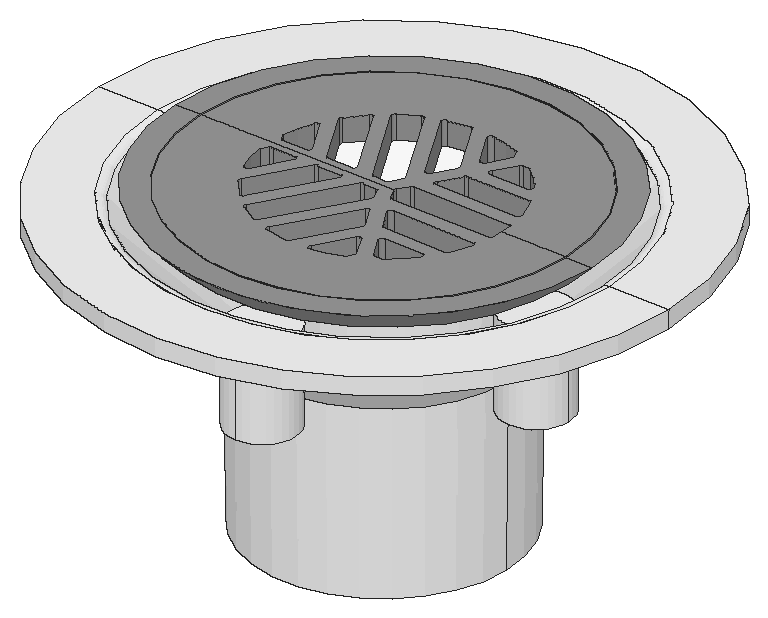
Revit family "3100.194.1 Deck Drain Bottom Exit 80x80", category Plumbing Fixtures, Revit 2020
Family settings
  Round Connector Dimension = Use Diameter
  Part Type = Normal
  Work Plane-Based = No
  Always vertical = Yes
  Cut with Voids When Loaded = No
  Shared = No
  Room Calculation Point = No
Parameters (values of type "3100.194.1 80x80")
  Waste Connection = yes
  Vent Connection = no
  URL = "www.aquaknight.co.nz"
  Phone = "+6498322214"  # constant formula
  Model = "3100.194.1"
  Manufacturer = "Aquanight Industries Ltd"  # constant formula
  HW Connection = no
  Email = "info@aquaknight.co.nz"  # constant formula
  Description = "Deck Drain Bottom Exit 80mm Inlet w 80mm Outlet Small Flange"
  Default Elevation = 0 mm
  CW Connection = no
Reference planes
  plane 1 "Center (Front/Back)": y = 0
  plane 2: z = 0
  plane 3 "Center (Left/Right)": x = 0
Forms (mm)
  Revolve 1, solid, material "PVC-Piping"
    sketch origin (-2.137, 0, 1.044) x (1, 0, 0) y (0, 0, 1)
      loop
        line (-66.827, -6.044) -> (-35.874, -36.996) -> (-35.291, -88.902) -> (-30.291, -88.902) -> (-30.898, -34.902) -> (-63.621, -2.178)
        arc (-63.621, -2.178) -> (-64.878, -1.339) -> (-66.36, -1.044) r 3.874
        line (-66.36, -1.044) -> (-84.355, -1.044) -> (-84.355, -6.044) -> (-66.827, -6.044)
      axis (2.137, -1.044) -> (2.137, -88.902)
    angle from 0 to 360
  Revolve 2, solid, material "Steel, Chrome Plated"
    sketch origin (0, 0, 1.044) x (1, 0, 0) y (0, 0, 1)
      loop
        line (-56.036, -4.644) -> (0, -4.644) -> (0, 2.356) -> (-55.25, 2.356) -> (-55.25, 0.883) -> (-55.55, -1.144) -> (-55.55, 2.356) -> (-63.036, 2.356) -> (-56.036, -4.644)
      axis (0, 2.356) -> (0, -4.644)
    angle from 0 to 360
  Extrusion 3, void
    sketch origin (0, 0, 5.044) x (0, 1, 0) y (-1, 0, 0)
      loop
        line (4.474, 34.182) -> (2.493, 33.038)
        arc (2.493, 33.038) -> (2.128, 32.673) -> (1.994, 32.174) r 0.997
        line (1.994, 32.174) -> (1.994, 25.266)
        arc (1.994, 25.266) -> (2.493, 24.402) -> (3.49, 24.402) r 0.997
        line (3.49, 24.402) -> (13.354, 30.097)
        arc (13.354, 30.097) -> (13.85, 31.03) -> (13.231, 31.885) r 0.997
        arc (13.231, 31.885) -> (8.926, 33.316) -> (4.474, 34.182) r 35.185
      loop
        arc (2.493, 19.182) -> (2.128, 18.817) -> (1.994, 18.319) r 0.997
        line (1.994, 18.319) -> (1.994, 11.41)
        arc (1.994, 11.41) -> (2.493, 10.547) -> (3.49, 10.547) r 0.997
        line (3.49, 10.547) -> (24.556, 22.709)
        arc (24.556, 22.709) -> (25.047, 23.445) -> (24.759, 24.281) r 0.997
        arc (24.759, 24.281) -> (22.313, 26.487) -> (19.672, 28.454) r 35.185
        arc (19.672, 28.454) -> (19.149, 28.624) -> (18.616, 28.491) r 0.997
        line (18.616, 28.491) -> (2.493, 19.182)
      loop
        arc (2.493, 5.327) -> (2.128, 4.962) -> (1.994, 4.463) r 0.997
        line (1.994, 4.463) -> (1.994, 1.008)
        spline (1.994, 1.008) -> (1.998, 0.922) -> (2.009, 0.835) -> (2.028, 0.751) -> (2.054, 0.668) -> (2.088, 0.587) -> (2.128, 0.51) -> (2.174, 0.437) -> (2.227, 0.368) -> (2.286, 0.304) -> (2.35, 0.246) -> (2.419, 0.193) -> (2.492, 0.146)
        line (2.492, 0.146) -> (5.484, -1.582)
        arc (5.484, -1.582) -> (5.983, -1.715) -> (6.482, -1.582) r 0.997
        line (6.482, -1.582) -> (31.488, 12.856)
        arc (31.488, 12.856) -> (31.941, 13.42) -> (31.894, 14.141) r 0.997
        arc (31.894, 14.141) -> (30.471, 16.875) -> (28.815, 19.473) r 35.185
        arc (28.815, 19.473) -> (28.214, 19.875) -> (27.5, 19.765) r 0.997
        line (27.5, 19.765) -> (2.493, 5.327)
      loop
        line (32.567, 8.835) -> (11.501, -3.328)
        arc (11.501, -3.328) -> (11.002, -4.191) -> (11.501, -5.055) r 0.997
        line (11.501, -5.055) -> (17.484, -8.509)
        arc (17.484, -8.509) -> (17.982, -8.643) -> (18.481, -8.509) r 0.997
        line (18.481, -8.509) -> (34.604, 0.799)
        arc (34.604, 0.799) -> (34.985, 1.195) -> (35.1, 1.732) r 0.997
        arc (35.1, 1.732) -> (34.717, 5.003) -> (34.03, 8.225) r 35.185
        arc (34.03, 8.225) -> (33.449, 8.891) -> (32.567, 8.835) r 0.997
      loop
        arc (32.461, -14.293) -> (33.938, -10.005) -> (34.85, -5.561) r 35.185
        arc (34.85, -5.561) -> (34.419, -4.597) -> (33.364, -4.561) r 0.997
        line (33.364, -4.561) -> (23.5, -10.256)
        arc (23.5, -10.256) -> (23.001, -11.119) -> (23.5, -11.983) r 0.997
        line (23.5, -11.983) -> (29.483, -15.437)
        arc (29.483, -15.437) -> (29.981, -15.571) -> (30.48, -15.437) r 0.997
        line (30.48, -15.437) -> (32.461, -14.293)
      loop
        line (27.987, -22.042) -> (27.987, -19.755)
        arc (27.987, -19.755) -> (27.853, -19.256) -> (27.488, -18.891) r 0.997
        line (27.488, -18.891) -> (21.505, -15.437)
        arc (21.505, -15.437) -> (20.508, -15.437) -> (20.01, -16.301) r 0.997
        line (20.01, -16.301) -> (20.01, -27.691)
        arc (20.01, -27.691) -> (20.569, -28.587) -> (21.62, -28.478) r 0.997
        arc (21.62, -28.478) -> (25.011, -25.465) -> (27.987, -22.042) r 35.185
      loop
        arc (8.011, -33.698) -> (8.403, -34.491) -> (9.27, -34.66) r 0.997
        arc (9.27, -34.66) -> (12.404, -33.644) -> (15.428, -32.34) r 35.185
        arc (15.428, -32.34) -> (15.836, -31.973) -> (15.988, -31.444) r 0.997
        line (15.988, -31.444) -> (15.988, -12.827)
        arc (15.988, -12.827) -> (15.854, -12.329) -> (15.489, -11.964) r 0.997
        line (15.489, -11.964) -> (9.506, -8.509)
        arc (9.506, -8.509) -> (8.509, -8.509) -> (8.011, -9.373) r 0.997
        line (8.011, -9.373) -> (8.011, -33.698)
      loop
        arc (3.989, -5.899) -> (3.855, -5.401) -> (3.49, -5.036) r 0.997
        line (3.49, -5.036) -> (0.498, -3.308)
        spline (0.498, -3.308) -> (0.421, -3.268) -> (0.341, -3.235) -> (0.258, -3.209) -> (0.173, -3.19) -> (0.087, -3.179) -> (0, -3.175) -> (-0.087, -3.179) -> (-0.173, -3.19) -> (-0.258, -3.209) -> (-0.341, -3.235) -> (-0.421, -3.268) -> (-0.498, -3.308)
        line (-0.498, -3.308) -> (-3.49, -5.036)
        arc (-3.49, -5.036) -> (-3.855, -5.401) -> (-3.989, -5.899) r 0.997
        line (-3.989, -5.899) -> (-3.989, -34.775)
        arc (-3.989, -34.775) -> (-3.727, -35.448) -> (-3.079, -35.768) r 0.997
        arc (-3.079, -35.768) -> (0, -35.903) -> (3.079, -35.768) r 35.185
        arc (3.079, -35.768) -> (3.727, -35.448) -> (3.989, -34.775) r 0.997
        line (3.989, -34.775) -> (3.989, -5.899)
      loop
        line (-8.011, -33.698) -> (-8.011, -9.373)
        arc (-8.011, -9.373) -> (-8.509, -8.509) -> (-9.506, -8.509) r 0.997
        line (-9.506, -8.509) -> (-15.489, -11.964)
        arc (-15.489, -11.964) -> (-15.854, -12.329) -> (-15.988, -12.827) r 0.997
        line (-15.988, -12.827) -> (-15.988, -31.444)
        arc (-15.988, -31.444) -> (-15.836, -31.973) -> (-15.428, -32.34) r 0.997
        arc (-15.428, -32.34) -> (-12.404, -33.644) -> (-9.27, -34.66) r 35.185
        arc (-9.27, -34.66) -> (-8.403, -34.491) -> (-8.011, -33.698) r 0.997
      loop
        arc (-18.481, -8.509) -> (-17.982, -8.643) -> (-17.484, -8.509) r 0.997
        line (-17.484, -8.509) -> (-11.501, -5.055)
        arc (-11.501, -5.055) -> (-11.002, -4.191) -> (-11.501, -3.328) r 0.997
        line (-11.501, -3.328) -> (-32.567, 8.835)
        arc (-32.567, 8.835) -> (-33.449, 8.891) -> (-34.03, 8.225) r 0.997
        arc (-34.03, 8.225) -> (-34.717, 5.003) -> (-35.1, 1.732) r 35.185
        arc (-35.1, 1.732) -> (-34.985, 1.195) -> (-34.604, 0.799) r 0.997
        line (-34.604, 0.799) -> (-18.481, -8.509)
      loop
        line (-32.461, -14.293) -> (-30.48, -15.437)
        arc (-30.48, -15.437) -> (-29.981, -15.571) -> (-29.483, -15.437) r 0.997
        line (-29.483, -15.437) -> (-23.5, -11.983)
        arc (-23.5, -11.983) -> (-23.001, -11.119) -> (-23.5, -10.256) r 0.997
        line (-23.5, -10.256) -> (-33.364, -4.561)
        arc (-33.364, -4.561) -> (-34.419, -4.597) -> (-34.85, -5.561) r 0.997
        arc (-34.85, -5.561) -> (-33.938, -10.005) -> (-32.461, -14.293) r 35.185
      loop
        arc (-27.987, -22.042) -> (-25.011, -25.465) -> (-21.62, -28.478) r 35.185
        arc (-21.62, -28.478) -> (-20.569, -28.587) -> (-20.01, -27.691) r 0.997
        line (-20.01, -27.691) -> (-20.01, -16.301)
        arc (-20.01, -16.301) -> (-20.508, -15.437) -> (-21.505, -15.437) r 0.997
        line (-21.505, -15.437) -> (-27.488, -18.891)
        arc (-27.488, -18.891) -> (-27.853, -19.256) -> (-27.987, -19.755) r 0.997
        line (-27.987, -19.755) -> (-27.987, -22.042)
      loop
        arc (-6.482, -1.582) -> (-5.983, -1.715) -> (-5.484, -1.582) r 0.997
        line (-5.484, -1.582) -> (-2.492, 0.146)
        spline (-2.492, 0.146) -> (-2.419, 0.193) -> (-2.35, 0.246) -> (-2.286, 0.304) -> (-2.227, 0.368) -> (-2.174, 0.437) -> (-2.128, 0.51) -> (-2.088, 0.587) -> (-2.054, 0.668) -> (-2.028, 0.751) -> (-2.009, 0.835) -> (-1.998, 0.922) -> (-1.994, 1.008)
        line (-1.994, 1.008) -> (-1.994, 4.463)
        arc (-1.994, 4.463) -> (-2.128, 4.962) -> (-2.493, 5.327) r 0.997
        line (-2.493, 5.327) -> (-27.5, 19.765)
        arc (-27.5, 19.765) -> (-28.214, 19.875) -> (-28.815, 19.473) r 0.997
        arc (-28.815, 19.473) -> (-30.471, 16.875) -> (-31.894, 14.141) r 35.185
        arc (-31.894, 14.141) -> (-31.941, 13.42) -> (-31.488, 12.856) r 0.997
        line (-31.488, 12.856) -> (-6.482, -1.582)
      loop
        line (-24.556, 22.709) -> (-3.49, 10.547)
        arc (-3.49, 10.547) -> (-2.493, 10.547) -> (-1.994, 11.41) r 0.997
        line (-1.994, 11.41) -> (-1.994, 18.319)
        arc (-1.994, 18.319) -> (-2.128, 18.817) -> (-2.493, 19.182) r 0.997
        line (-2.493, 19.182) -> (-18.616, 28.491)
        arc (-18.616, 28.491) -> (-19.149, 28.624) -> (-19.672, 28.454) r 0.997
        arc (-19.672, 28.454) -> (-22.313, 26.487) -> (-24.759, 24.281) r 35.185
        arc (-24.759, 24.281) -> (-25.047, 23.445) -> (-24.556, 22.709) r 0.997
      loop
        arc (-4.474, 34.182) -> (-8.926, 33.316) -> (-13.231, 31.885) r 35.185
        arc (-13.231, 31.885) -> (-13.85, 31.03) -> (-13.354, 30.097) r 0.997
        line (-13.354, 30.097) -> (-3.49, 24.402)
        arc (-3.49, 24.402) -> (-2.493, 24.402) -> (-1.994, 25.266) r 0.997
        line (-1.994, 25.266) -> (-1.994, 32.174)
        arc (-1.994, 32.174) -> (-2.128, 32.673) -> (-2.493, 33.038) r 0.997
        line (-2.493, 33.038) -> (-4.474, 34.182)
    from -20.5 to 49.173
  Extrusion 4, solid, material "PVC-Piping"
    sketch origin (2.5, 0, 0) x (1, 0, 0) y (0, 1, 0)
      loop
        circle (-48.641, 0) r 10
      loop
        circle (43.641, 0) r 10
      loop
        circle (-2.5, 46.141) r 10
      loop
        circle (-2.5, -46.141) r 10
    from -14 to -41
Cuts and joins
  Extrusion 3 cuts Revolve 2
Lines and regions (mm)
  Masking region 1
    outline origin (0, 0, 4) x (0, 1, 0) y (-1, 0, 0)
      loop
        circle (0, 0) r 86.492
  model lines, detail levels fine
    curve 1: circle (-57.398, 54.405, 0) r 3.15 normal (0, 0, 1)
    curve 2: circle (57.398, 54.405, 0) r 3.15 normal (0, 0, -1)
    curve 3: circle (-57.398, -54.405, 0) r 3.15 normal (0, 0, -1)
    curve 4: circle (57.398, -54.405, 0) r 3.15 normal (0, 0, 1)
  symbolic lines, detail levels fine
    curve 5: circle (-57.398, 54.405, 4) r 3.15 normal (0, 0, 1)
    curve 6: circle (57.398, 54.405, 4) r 3.15 normal (0, 0, -1)
    curve 7: circle (57.398, -54.405, 4) r 3.15 normal (0, 0, 1)
    curve 8: circle (-57.398, -54.405, 4) r 3.15 normal (0, 0, -1)
  symbolic lines, detail levels medium+fine
    curve 9: circle (0, 0, 4) r 65 normal (0, 0, 1)
    curve 10: circle (0, 0, 4) r 55.25 normal (0, 0, 1)
    curve 11: circle (0, 0, 4) r 35.277 normal (0, 0, 1)
Dimensions and locks
  aligned and locked: level to plane 2
  aligned and locked: Revolve 2 sketch curve to plane 3 "Center (Left/Right)"
Connectors
  piping at (0, 0, -70.53), diameter 80
    settings: on Revolve 1, index 1, connector inside diameter 609.6 mm, connector length 0 mm, flow factor 0, pipe flow 0.0 L/s, pressure drop 0.0 Pa, fitting loss kfactor 0, connector angle 0.00°, fixture units 0, engagement length 0 mm, angle of deflection 0.00°, flow configuration 0, flow direction 0, fitting loss method 0, system type 28, joint type 0, gender type 0, connector reference index -1, connector utility 0, adjustable connector no, is connector primary yes, connector description ""
